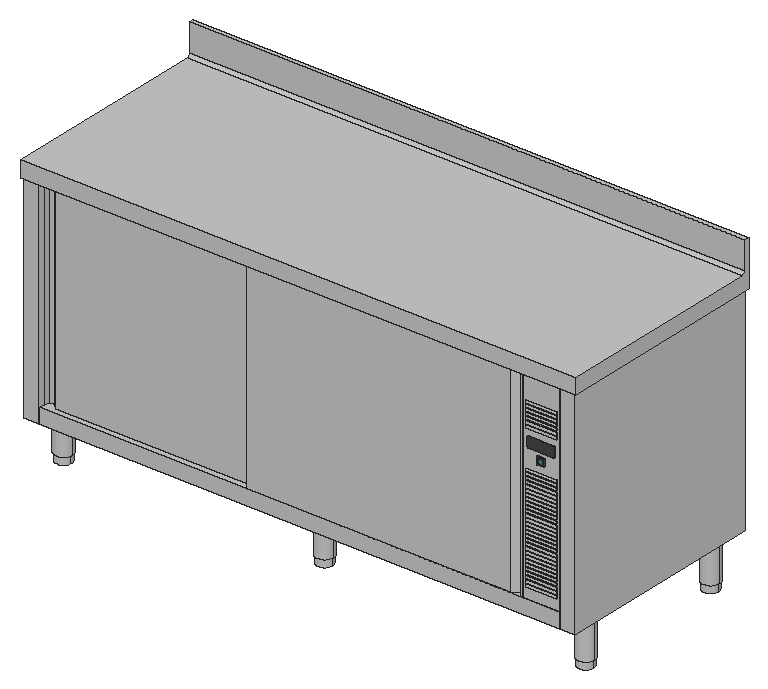
Revit family "QF_ELECTROLUXPROFESSIONAL_132794_MTC1810PN", category Attrezzature speciali, Revit 2020
Family settings
  Quota connettore circolare = Usa diametro
  Tipo di parte = Normale
  Basato su piano di lavoro = No
  Sempre verticale = Sì
  Taglio con vuoti quando caricato = No
  Condiviso = No
  Punto di calcolo locali = No
Parameters (values of type "Standard")
  Weight = 70.00 kg
  Watts = 2400 W
  Volts = 220 V
  URL Manufacturer = "https://www.electroluxprofessional.com/"
  URL = "https://www.electroluxprofessional.com/"
  Steam Supply Size = 0 mm
  Steam Supply Minimum Pressure = 0.0 Pa
  Steam Supply Maximum Pressure = 0.0 Pa
  Steam Consumption per Hour = 0
  Refrigeration Suction Line Size = 0.0 mm
  Refrigeration Liquid Line Size = 0.0 mm
  Refrigerant Compressor Remote = yes
  Prospetto di default = 0.0 mm
  Produttore = "Electrolux Professional"
  Phase = 1
  Modello = "MTC1810PN"
  Length Actual = 1800.0 mm  # constant formula
  Item Number = "132794"
  Hot Water Size = 0 mm
  Height Actual = 1000.0 mm  # constant formula
  HP = "3.2 HP"
  Gas Size = 0 mm
  Gas KW = 0
  Gas Input Pressure = 0 W
  Direct Waste Size = 0 mm
  Descrizione = "HOT CUPB.VENT+UPST+SHELF+SLIDING D. 1800"
  Depth Actual = 700.0 mm  # constant formula
  Cycle = 50 Hz
  Condensate Return Size = 0 mm
  Compressed Air Volume = 0.0 L/s
  Compressed Air Size = 0 mm
  Compressed Air Pressure = 0.0 Pa
  Cold Water Size = 0 mm
  Accessory = yes
Reference planes
  plane 1 "Center (Front/Back)": y = 0
  plane 2: z = 0
  plane 3 "Center (Left/Right)": x = -400
  plane 4 "LEFT": x = -1300
  plane 5 "RIGHT": x = 500
  plane 6 "BACK": y = 350
  plane 7 "FRONT": y = -350
  plane 8 "Base": z = 850
  plane 9 "TOP": z = 900
  plane 10: x = -1246.5
  plane 11: x = 446.5
  plane 12: y = 264.5
  plane 13: y = -241.5
  plane 14 "BodyLeft": x = -1294.5
  plane 15 "BodyFront": y = -344.5
  plane 16 "BodyRight": x = 494.5
  plane 17 "BodyBack": y = 344.5
  plane 18 "FEET": z = 150
  plane 19: x = 324.5
  plane 20: x = -461
  plane 21: x = 444.5
  plane 22 "EIx": x = 400
  plane 23 "EIy": y = -170
Forms (mm)
  Extrusion 1, solid, material "QF_Finishes_Stainless Steel"
    sketch origin (-400, 0, 0) x (0, 1, 0) y (0, 0, 1)
      loop
        line (-350, 850) -> (350, 850) -> (350, 1000) -> (337, 1000) -> (337, 910)
        arc (337, 910) -> (334.071, 902.929) -> (327, 900) r 10
        line (327, 900) -> (-350, 900) -> (-350, 850)
    from 900 to -900
  Extrusion 2, solid, material "QF_Finishes_Stainless Steel"
    sketch origin (0, 0, 150) x (-1, 0, 0) y (0, -1, 0)
      loop
        line (1294.5, -344.5) -> (1294.5, 344.5) -> (1244.5, 344.5) -> (1244.5, -344.5) -> (1294.5, -344.5)
      loop
        line (-444.5, -344.5) -> (-444.5, 344.5) -> (-494.5, 344.5) -> (-494.5, -344.5) -> (-444.5, -344.5)
    from 0 to 700
  Extrusion 3, solid, material "QF_Finishes_Stainless Steel"
    sketch origin (0, 0, 150) x (-1, 0, 0) y (0, -1, 0)
      loop
        line (1244.5, -344.5) -> (1244.5, 344.5) -> (-444.5, 344.5) -> (-444.5, -344.5) -> (1244.5, -344.5)
    from 0 to 50
  Extrusion 4, solid, material "QF_Finishes_Stainless Steel"
    sketch origin (-1, 0, 150) x (-1, 0, 0) y (0, -1, 0)
      loop
        line (-325.5, 344.5) -> (-325.5, 324.5) -> (570.5, 324.5) -> (570.5, 344.5) -> (-285.5, 344.5) -> (-305.5, 329.5) -> (-320.5, 329.5) -> (-320.5, 344.5) -> (-325.5, 344.5)
    from 50 to 700
  Extrusion 5, solid, material "QF_Finishes_Stainless Steel"
    sketch origin (1, 20, 150) x (1, 0, 0) y (0, 1, 0)
      loop
        line (-1245.5, -344.5) -> (-1240.5, -344.5) -> (-1240.5, -329.5) -> (-1225.5, -329.5) -> (-1205.5, -344.5) -> (-351.5, -344.5) -> (-351.5, -324.5) -> (-1245.5, -324.5) -> (-1245.5, -344.5)
    from 50 to 700
  Extrusion 6, solid, material "QF_Finishes_Stainless Steel"
    sketch origin (0, 0, 0) x (1, 0, 0) y (0, 1, 0)
      loop
        line (-1244.5, -304.5) -> (324.5, -304.5) -> (324.5, 324.5) -> (-1244.5, 324.5) -> (-1244.5, -304.5)
    from 500 to 540
  Extrusion 7, solid, material "QF_Finishes_Stainless Steel"
    sketch origin (0, 0, 0) x (1, 0, 0) y (0, 1, 0)
      loop
        line (444.5, 344.5) -> (-1244.5, 344.5) -> (-1244.5, 324.5) -> (444.5, 324.5) -> (444.5, 344.5)
    from 200 to 850
  Extrusion 8, solid, material "QF_Finishes_Stainless Steel"
    sketch origin (0, 0, 150) x (-1, 0, 0) y (0, -1, 0)
      loop
        circle (-400, 170) r 10
    from 0 to -5
Cuts and joins
  joined: Extrusion 3, Extrusion 7
Lines and regions (mm)
  symbolic lines
    curve 1: line (500, 350, 900) -> (-1300, 350, 900)
    curve 2: line (-1300, 350, 900) -> (-1300, -350, 900)
    curve 3: line (-1300, -350, 900) -> (500, -350, 900)
    curve 4: line (500, -350, 900) -> (500, 350, 900)
    curve 15: line (500, 337, 900) -> (-1300, 337, 900)
  symbolic lines, style "SpecialityEquipmentHiddenLines"
    curve 5: line (-1294.5, 344.5, 150) -> (494.5, 344.5, 150)
    curve 6: line (-1294.5, -344.5, 150) -> (-1294.5, 344.5, 150)
    curve 7: line (494.5, -344.5, 150) -> (-1294.5, -344.5, 150)
    curve 8: line (494.5, 344.5, 150) -> (494.5, -344.5, 150)
    curve 9: line (-1245.5, -304.5, 150) -> (-349.5, -304.5, 150)
    curve 10: line (-349.5, -304.5, 150) -> (-349.5, -324.5, 150)
    curve 11: line (-1245.5, -324.5, 150) -> (324.5, -324.5, 150)
    curve 12: line (324.5, -324.5, 150) -> (324.5, -344.5, 150)
    curve 13: line (-1245.5, -304.5, 150) -> (-1245.5, -324.5, 150)
    curve 14: line (-571.5, -344.5, 0) -> (-571.5, -324.5, 0)
Dimensions and locks
  plane 4 "LEFT" to plane 5 "RIGHT" = 1800.0 mm
  equal spacing: plane 4 "LEFT", plane 3 "Center (Left/Right)", plane 5 "RIGHT"
  locked: plane 8 "Base" to level at 850
  plane 6 "BACK" to plane 7 "FRONT" = 700.0 mm
  equal spacing: plane 6 "BACK", plane 1 "Center (Front/Back)", plane 7 "FRONT"
  locked: plane 4 "LEFT" to plane 14 "BodyLeft" at 5.5
  locked: plane 16 "BodyRight" to plane 5 "RIGHT" at 5.5
  locked: plane 15 "BodyFront" to plane 7 "FRONT" at 5.5
  locked: plane 6 "BACK" to plane 17 "BodyBack" at 5.5
  locked: plane 14 "BodyLeft" to plane 10 at 48
  locked: plane 11 to plane 16 "BodyRight" at 48
  locked: plane 13 to plane 15 "BodyFront" at 103
  locked: plane 17 "BodyBack" to plane 12 at 80
  plane 10 to plane 11 = 1693.0 mm
  plane 12 to plane 13 = 506.0 mm
  locked: plane 14 "BodyLeft" to Extrusion 2 sketch curve at 50
  locked: Extrusion 2 sketch curve to Extrusion 2 sketch curve at 50
  equal spacing: plane 10, plane 20, plane 19
  locked: plane 21 to plane 16 "BodyRight" at 50
  locked: plane 19 to plane 21 at 120
  locked: Extrusion 4 sketch curve to plane 20 at 110.5
  locked: plane 20 to Extrusion 5 sketch curve at 110.5
  locked: plane 18 "FEET" to level at 150
  locked: plane 22 "EIx" to plane 5 "RIGHT" at 100
  plane 23 "EIy" to plane 7 "FRONT" = 180.0 mm
  locked: Extrusion 1 to level at 1000
  plane 9 "TOP" to level = 900.0 mm
  aligned and locked: level to plane 2
  aligned and locked: plane 10 to nested 1
  aligned and locked: nested 1 to plane 13
  aligned and locked: plane 11 to nested 2
  aligned and locked: nested 2 to plane 13
  aligned and locked: plane 11 to nested 4
  aligned and locked: nested 4 to plane 12
  aligned and locked: plane 10 to nested 3
  aligned and locked: nested 3 to plane 12
  aligned and locked: Extrusion 1 to plane 4 "LEFT"
  aligned and locked: plane 5 "RIGHT" to Extrusion 1
  aligned and locked: curve 2 to plane 4 "LEFT"
  aligned and locked: plane 17 "BodyBack" to Extrusion 2 sketch curve
  aligned and locked: Extrusion 2 sketch curve to plane 15 "BodyFront"
  aligned and locked: Extrusion 2 sketch curve to plane 14 "BodyLeft"
  aligned and locked: plane 16 "BodyRight" to Extrusion 2 sketch curve
  aligned and locked: Extrusion 2 sketch curve to plane 17 "BodyBack"
  aligned and locked: plane 15 "BodyFront" to Extrusion 2 sketch curve
  aligned and locked: Extrusion 3 sketch curve to plane 17 "BodyBack"
  aligned and locked: plane 15 "BodyFront" to Extrusion 3 sketch curve
  aligned and locked: plane 8 "Base" to Extrusion 2
  aligned and locked: plane 8 "Base" to Extrusion 4
  aligned and locked: Extrusion 4 to Extrusion 3
  aligned and locked: Extrusion 1 to plane 8 "Base"
  aligned and locked: plane 9 "TOP" to Extrusion 1
  aligned and locked: curve 5 to plane 17 "BodyBack"
  aligned and locked: plane 14 "BodyLeft" to curve 6
  aligned and locked: plane 15 "BodyFront" to curve 7
  aligned and locked: plane 16 "BodyRight" to curve 8
  aligned and locked: Extrusion 3 to Extrusion 2  (x2)
  aligned and locked: Extrusion 6 sketch curve to Extrusion 2
  aligned and locked: Extrusion 6 sketch curve to Extrusion 5
  aligned and locked: nested 5 to plane 21
  aligned and locked: Extrusion 7 sketch curve to Extrusion 2
  aligned and locked: Extrusion 6 sketch curve to plane 19
  aligned and locked: plane 3 "Center (Left/Right)" to nested 6
  aligned and locked: plane 3 "Center (Left/Right)" to nested 7
Automatic sketch dimensions
  Extrusion 8 sketch curve to plane 22 "EIx" = 0.0 mm
  Extrusion 8 sketch curve to plane 23 "EIy" = 0.0 mm
  curve 14 to plane 15 "BodyFront" = 0.0 mm
  plane 15 "BodyFront" to curve 14 = 20.0 mm
  curve 14 to plane 20 = 110.5 mm
  curve 3 to plane 7 "FRONT" = 0.0 mm
  curve 15 to plane 5 "RIGHT" = 0.0 mm
  curve 4 to plane 6 "BACK" = 0.0 mm
  curve 15 to plane 17 "BodyBack" = 7.5 mm
  Extrusion 1 sketch curve to plane 7 "FRONT" = 0.0 mm
  Extrusion 1 sketch curve to plane 9 "TOP" = 0.0 mm
  Extrusion 1 sketch curve to plane 6 "BACK" = 0.0 mm
  Extrusion 1 sketch curve to plane 8 "Base" = 0.0 mm
  Extrusion 1 sketch curve to plane 17 "BodyBack" = 17.5 mm
  Extrusion 1 sketch curve to plane 17 "BodyBack" = 7.5 mm
  Extrusion 1 sketch curve to Extrusion 1 sketch curve = 90.0 mm
  Extrusion 3 sketch curve to plane 21 = 0.0 mm
  plane 10 to Extrusion 3 sketch curve = 2.0 mm
  Extrusion 4 sketch curve to plane 19 = 0.0 mm
  Extrusion 4 sketch curve to plane 15 "BodyFront" = 0.0 mm  (x2)
  Extrusion 4 sketch curve to Extrusion 4 sketch curve = 5.0 mm
  Extrusion 4 sketch curve to Extrusion 4 sketch curve = 15.0 mm  (x2)
  Extrusion 4 sketch curve to Extrusion 4 sketch curve = 20.0 mm
  plane 15 "BodyFront" to Extrusion 4 sketch curve = 20.0 mm
  Extrusion 5 sketch curve to plane 15 "BodyFront" = 20.0 mm  (x2)
  Extrusion 5 sketch curve to plane 10 = 42.0 mm
  Extrusion 5 sketch curve to plane 10 = 22.0 mm
  Extrusion 5 sketch curve to plane 10 = 7.0 mm
  Extrusion 5 sketch curve to plane 10 = 2.0 mm
  Extrusion 5 sketch curve to Extrusion 5 sketch curve = 15.0 mm
  Extrusion 5 sketch curve to Extrusion 5 sketch curve = 20.0 mm
  Extrusion 6 sketch curve to plane 17 "BodyBack" = 20.0 mm
  Extrusion 7 sketch curve to plane 21 = 0.0 mm
  Extrusion 7 sketch curve to plane 17 "BodyBack" = 0.0 mm
  Extrusion 7 sketch curve to Extrusion 7 sketch curve = 20.0 mm
  curve 11 to plane 19 = 0.0 mm
  curve 7 to plane 15 "BodyFront" = 0.0 mm
  plane 3 "Center (Left/Right)" to curve 10 = 50.5 mm
  plane 10 to curve 13 = 1.0 mm
  plane 15 "BodyFront" to curve 9 = 40.0 mm
  plane 15 "BodyFront" to curve 13 = 20.0 mm
  radius of Extrusion 8 sketch curve = 10.0 mm
Nested families
  nested 1: "FEET_D58-150" at (-1246.5, -241.5, 0), type "FEET_D58-150"
  nested 2: "FEET_D58-150" at (446.5, -241.5, 0), type "FEET_D58-150"
  nested 3: "FEET_D58-150" at (-1246.5, 264.5, 0), type "FEET_D58-150"
  nested 4: "FEET_D58-150" at (446.5, 264.5, 0), type "FEET_D58-150"
  nested 5: "WT_PNL120x650" at (531.42, -304.5, 600) x (1, 0, 0) z (0, -1, 0), type "WT_PNL120x650"
    with Show Logo yes
  nested 6: "FEET_D58-150" at (-400, -241.5, 0), type "FEET_D58-150"
  nested 7: "FEET_D58-150" at (-400, 264.5, 0), type "FEET_D58-150"
Connectors
  electrical at (400, -170, 145)
    settings: on Extrusion 8, index 1, voltage 0 V, apparent load 0 VA, apparent load phase1 0 VA, apparent load phase2 0 VA, apparent load phase3 0 VA, power factor 1, load classification "Other", number of poles 1, system type 30, power factor state 1, is connector primary yes, connector utility no, sub classification motor no, connector description "Electrical connection"
Definition of nested family "FEET_D58-150"
  Parameters
    Default Elevation = 0.0 mm
    FEET = 150.0 mm
  Reference planes
    plane 1 "Center (Front/Back)": y = 0
    plane 2: z = 0
    plane 3 "Center (Left/Right)": x = 0
    plane 4: z = 150
  Forms (mm)
    Extrusion 1, solid
      sketch origin (0, 0, 0) x (1, 0, 0) y (0, 1, 0)
        loop
          circle (0, 0) r 25
      from 0 to 25
    Extrusion 2, solid
      sketch origin (0, 0, 0) x (1, 0, 0) y (0, 1, 0)
        loop
          circle (0.061, 0) r 29
      from 25 to 150 <- "FEET"
  Lines and regions (mm)
    symbolic lines
      curve 1: line (0, -1.503, 0) -> (0, 1.508, 0)
      curve 2: line (1.561, 0, 0) -> (-1.439, 0, 0)
  Dimensions and locks
    "FEET": plane 4 to plane 2
    aligned and locked: level to plane 2
  Automatic sketch dimensions
    plane 1 "Center (Front/Back)" to Extrusion 1 sketch curve = 0.0 mm
    Extrusion 1 sketch curve to plane 3 "Center (Left/Right)" = 0.0 mm
    plane 1 "Center (Front/Back)" to curve 2 = 0.0 mm
    curve 1 to plane 3 "Center (Left/Right)" = 0.0 mm
    curve 2 to plane 3 "Center (Left/Right)" = 1.439 mm
    plane 3 "Center (Left/Right)" to curve 2 = 1.561 mm
    plane 1 "Center (Front/Back)" to curve 1 = 1.503 mm
    curve 1 to plane 1 "Center (Front/Back)" = 1.508 mm
    plane 1 "Center (Front/Back)" to Extrusion 2 sketch curve = 0.0 mm
    plane 3 "Center (Left/Right)" to Extrusion 2 sketch curve = 0.061 mm
    radius of Extrusion 1 sketch curve = 25.0 mm
    radius of Extrusion 2 sketch curve = 29.0 mm
Definition of nested family "WT_PNL120x650"
  Parameters
    Show Logo [instance] = yes
    Default Elevation = 1219.2 mm
  Reference planes
    plane 1 "Center (Front/Back)": y = -75
    plane 2: z = 0
    plane 3 "Center (Left/Right)": x = -146.92
    plane 4: x = -206.92
    plane 5: x = -86.92
    plane 6: y = 250
    plane 7: y = -400
    plane 8 "TOP": z = 40
  Forms (mm)
    Extrusion 1, solid
      sketch origin (0, 0, 0) x (1, 0, 0) y (0, 1, 0)
        loop
          line (-1219.2, 1219.2) -> (-1219.2, -1219.2) -> (1219.2, -1219.2) -> (1219.2, 1219.2) -> (-1219.2, 1219.2)
      from 0 to -304.8
    Extrusion 2, solid
      sketch origin (0, 0, 0) x (1, 0, 0) y (0, 1, 0)
        loop
          line (-206.92, 250) -> (-206.92, -400) -> (-86.92, -400) -> (-86.92, 250) -> (-206.92, 250)
      from 0 to 40
    Extrusion 3, void
      sketch origin (0, 0, 40) x (-1, 0, 0) y (0, -1, 0)
        loop
          arc (101.92, -68.899) -> (103.795, -73.256) -> (108.247, -74.89) r 6
          line (108.247, -74.89) -> (185.92, -74.89)
          arc (185.92, -74.89) -> (190.163, -73.133) -> (191.92, -68.89) r 6
          line (191.92, -68.89) -> (191.92, -45.89)
          arc (191.92, -45.89) -> (190.163, -41.648) -> (185.92, -39.89) r 6
          line (185.92, -39.89) -> (107.92, -39.89)
          arc (107.92, -39.89) -> (103.677, -41.648) -> (101.92, -45.89) r 6
          line (101.92, -45.89) -> (101.92, -68.899)
        loop
          line (158.92, -27.89) -> (158.92, -2.89) -> (134.92, -2.89) -> (134.92, -27.89) -> (158.92, -27.89)
      from -2 to 0
    Extrusion 4, solid
      sketch origin (0, 0, 40) x (-1, 0, 0) y (0, -1, 0)
        loop
          line (185.92, -39.89) -> (107.92, -39.89)
          arc (107.92, -39.89) -> (103.677, -41.648) -> (101.92, -45.89) r 6
          line (101.92, -45.89) -> (101.92, -68.899)
          arc (101.92, -68.899) -> (103.795, -73.256) -> (108.247, -74.89) r 6
          line (108.247, -74.89) -> (185.92, -74.89)
          arc (185.92, -74.89) -> (190.163, -73.133) -> (191.92, -68.89) r 6
          line (191.92, -68.89) -> (191.92, -45.89)
          arc (191.92, -45.89) -> (190.163, -41.648) -> (185.92, -39.89) r 6
      from -2 to 1
    Extrusion 5, solid
      sketch origin (-146.92, 0, 0) x (0, 1, 0) y (0, 0, 1)
        loop
          line (95.896, 40) -> (104.899, 40) -> (95.896, 41.206) -> (95.896, 40)
        loop
          line (107.896, 40) -> (116.899, 40) -> (107.896, 41.206) -> (107.896, 40)
        loop
          line (119.896, 40) -> (128.899, 40) -> (119.896, 41.206) -> (119.896, 40)
        loop
          line (131.896, 40) -> (140.899, 40) -> (131.896, 41.206) -> (131.896, 40)
        loop
          line (143.896, 40) -> (152.899, 40) -> (143.896, 41.206) -> (143.896, 40)
        loop
          line (155.896, 40) -> (164.899, 40) -> (155.896, 41.206) -> (155.896, 40)
        loop
          line (167.896, 40) -> (176.899, 40) -> (167.896, 41.206) -> (167.896, 40)
        loop
          line (-102.104, 40) -> (-93.101, 40) -> (-102.104, 41.206) -> (-102.104, 40)
        loop
          line (-90.104, 40) -> (-81.101, 40) -> (-90.104, 41.206) -> (-90.104, 40)
        loop
          line (-78.104, 40) -> (-69.101, 40) -> (-78.104, 41.206) -> (-78.104, 40)
        loop
          line (-66.104, 40) -> (-57.101, 40) -> (-66.104, 41.206) -> (-66.104, 40)
        loop
          line (-54.104, 40) -> (-45.101, 40) -> (-54.104, 41.206) -> (-54.104, 40)
        loop
          line (-42.104, 40) -> (-33.101, 40) -> (-42.104, 41.206) -> (-42.104, 40)
        loop
          line (-30.104, 40) -> (-21.101, 40) -> (-30.104, 41.206) -> (-30.104, 40)
        loop
          line (-174.104, 40) -> (-165.101, 40) -> (-174.104, 41.206) -> (-174.104, 40)
        loop
          line (-162.104, 40) -> (-153.101, 40) -> (-162.104, 41.206) -> (-162.104, 40)
        loop
          line (-150.104, 40) -> (-141.101, 40) -> (-150.104, 41.206) -> (-150.104, 40)
        loop
          line (-138.104, 40) -> (-129.101, 40) -> (-138.104, 41.206) -> (-138.104, 40)
        loop
          line (-126.104, 40) -> (-117.101, 40) -> (-126.104, 41.206) -> (-126.104, 40)
        loop
          line (-114.104, 40) -> (-105.101, 40) -> (-114.104, 41.206) -> (-114.104, 40)
        loop
          line (-246.104, 40) -> (-237.101, 40) -> (-246.104, 41.206) -> (-246.104, 40)
        loop
          line (-234.104, 40) -> (-225.101, 40) -> (-234.104, 41.206) -> (-234.104, 40)
        loop
          line (-222.104, 40) -> (-213.101, 40) -> (-222.104, 41.206) -> (-222.104, 40)
        loop
          line (-210.104, 40) -> (-201.101, 40) -> (-210.104, 41.206) -> (-210.104, 40)
        loop
          line (-198.104, 40) -> (-189.101, 40) -> (-198.104, 41.206) -> (-198.104, 40)
        loop
          line (-186.104, 40) -> (-177.101, 40) -> (-186.104, 41.206) -> (-186.104, 40)
        loop
          line (-318.104, 40) -> (-309.101, 40) -> (-318.104, 41.206) -> (-318.104, 40)
        loop
          line (-306.104, 40) -> (-297.101, 40) -> (-306.104, 41.206) -> (-306.104, 40)
        loop
          line (-294.104, 40) -> (-285.101, 40) -> (-294.104, 41.206) -> (-294.104, 40)
        loop
          line (-282.104, 40) -> (-273.101, 40) -> (-282.104, 41.206) -> (-282.104, 40)
        loop
          line (-270.104, 40) -> (-261.101, 40) -> (-270.104, 41.206) -> (-270.104, 40)
        loop
          line (-258.104, 40) -> (-249.101, 40) -> (-258.104, 41.206) -> (-258.104, 40)
        loop
          line (-366.104, 40) -> (-357.101, 40) -> (-366.104, 41.206) -> (-366.104, 40)
        loop
          line (-354.104, 40) -> (-345.101, 40) -> (-354.104, 41.206) -> (-354.104, 40)
        loop
          line (-342.104, 40) -> (-333.101, 40) -> (-342.104, 41.206) -> (-342.104, 40)
        loop
          line (-330.104, 40) -> (-321.101, 40) -> (-330.104, 41.206) -> (-330.104, 40)
      from -50 to 50
    Extrusion 6, solid
      sketch origin (0, 0, 40) x (-1, 0, 0) y (0, -1, 0)
        loop
          line (134.92, -27.89) -> (158.92, -27.89) -> (158.92, -2.89) -> (134.92, -2.89) -> (134.92, -27.89)
        loop
          circle (146.92, -15.39) r 9
      from -2 to 3
    Extrusion 7, solid
      sketch origin (0, 0, 40) x (-1, 0, 0) y (0, -1, 0)
        loop
          circle (146.92, -15.39) r 9
      from 0 to 3
  Cuts and joins
    Extrusion 3 cuts Extrusion 2
  Dimensions and locks
    equal spacing: plane 6, plane 1 "Center (Front/Back)", plane 7
    equal spacing: plane 4, plane 3 "Center (Left/Right)", plane 5
    plane 8 "TOP" to level = 40.0 mm
    aligned and locked: plane 2 to Extrusion 1
    aligned and locked: level to Extrusion 1
  Automatic sketch dimensions
    Extrusion 1 sketch curve to Extrusion 1 sketch curve = 2438.4 mm  (x2)
    Extrusion 2 sketch curve to plane 4 = 0.0 mm
    Extrusion 2 sketch curve to plane 5 = 0.0 mm
    Extrusion 2 sketch curve to plane 7 = 0.0 mm
    Extrusion 2 sketch curve to plane 6 = 0.0 mm
    Extrusion 5 sketch curve to plane 8 "TOP" = 0.0 mm  (x36)
    Extrusion 5 sketch curve to Extrusion 5 sketch curve = 9.003 mm  (x35)
    plane 8 "TOP" to Extrusion 5 sketch curve = 1.206 mm  (x22)
    Extrusion 5 sketch curve to Extrusion 5 sketch curve = 2.997 mm  (x33)
    plane 1 "Center (Front/Back)" to Extrusion 5 sketch curve = 6.101 mm
    plane 1 "Center (Front/Back)" to Extrusion 5 sketch curve = 3.104 mm
    Extrusion 5 sketch curve to plane 1 "Center (Front/Back)" = 5.899 mm
    Extrusion 5 sketch curve to Extrusion 5 sketch curve = 116.997 mm
    Extrusion 5 sketch curve to Extrusion 5 sketch curve = 1.206 mm  (x14)
    Extrusion 4 sketch curve to plane 5 = 15.0 mm
    Extrusion 4 sketch curve to Extrusion 4 sketch curve = 6.0 mm  (x3)
    Extrusion 4 sketch curve to Extrusion 4 sketch curve = 0.327 mm
    plane 4 to Extrusion 4 sketch curve = 21.0 mm  (x2)
    Extrusion 4 sketch curve to plane 1 "Center (Front/Back)" = 149.89 mm
    Extrusion 4 sketch curve to Extrusion 4 sketch curve = 23.009 mm
    Extrusion 3 sketch curve to plane 5 = 15.0 mm
    Extrusion 3 sketch curve to Extrusion 3 sketch curve = 6.0 mm  (x3)
    Extrusion 3 sketch curve to Extrusion 3 sketch curve = 0.327 mm
    plane 3 "Center (Left/Right)" to Extrusion 3 sketch curve = 12.0 mm
    Extrusion 3 sketch curve to plane 3 "Center (Left/Right)" = 12.0 mm
    plane 4 to Extrusion 3 sketch curve = 21.0 mm  (x2)
    Extrusion 3 sketch curve to plane 1 "Center (Front/Back)" = 149.89 mm
    Extrusion 3 sketch curve to Extrusion 3 sketch curve = 23.0 mm
    Extrusion 3 sketch curve to Extrusion 3 sketch curve = 12.0 mm
    Extrusion 3 sketch curve to Extrusion 3 sketch curve = 25.0 mm
    Extrusion 6 sketch curve to plane 3 "Center (Left/Right)" = 0.0 mm
    plane 3 "Center (Left/Right)" to Extrusion 6 sketch curve = 12.0 mm
    Extrusion 6 sketch curve to plane 3 "Center (Left/Right)" = 12.0 mm
    Extrusion 6 sketch curve to plane 1 "Center (Front/Back)" = 102.89 mm
    Extrusion 6 sketch curve to Extrusion 6 sketch curve = 12.5 mm  (x2)
    Extrusion 7 sketch curve to plane 3 "Center (Left/Right)" = 0.0 mm
    Extrusion 7 sketch curve to plane 1 "Center (Front/Back)" = 90.39 mm
    radius of Extrusion 6 sketch curve = 9.0 mm
    radius of Extrusion 7 sketch curve = 9.0 mm
